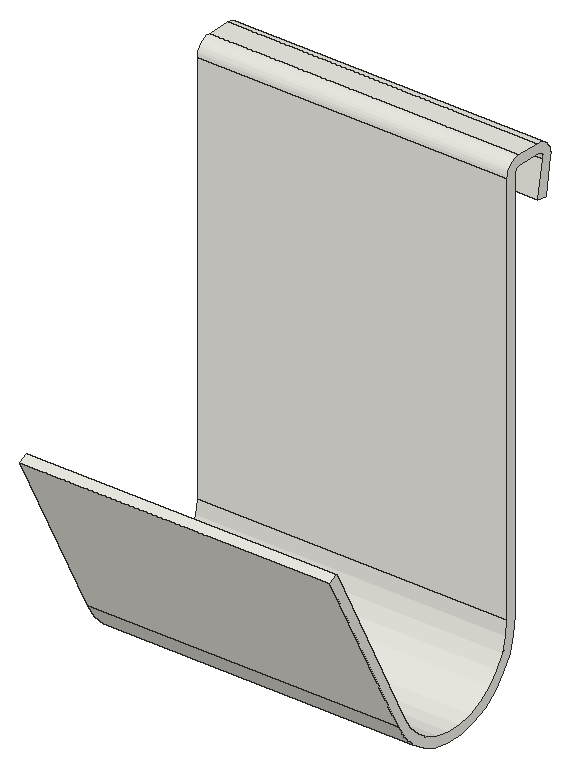
Revit family "Haworth_ActiveComponents_PersonalStorageHook_BUILD", category Furniture Systems, Revit 2015
Parameters (values of type "AAOC-0302")
  Warranty = "http://www.haworth.com/resources/product-info/warranties"
  URL - Product = "https://www.haworth.com/products/workspaces/accessories/active-components"
  Trim Finish [instance] = Haworth _ Paint _ Smooth Plaster
  Sustainability Info = "https://www.haworth.com/company-info/sustainability"
  Size = "Verify Final Dimensions w/ Haworth"  # constant formula
  Height Location [instance] = 25 7/8"
  Model = "AAOC-0302"  # constant formula
  URL = "www.haworth.com"
  Revision Number = "1"  # constant formula
  Manufacturer = "Haworth"  # constant formula
  Description = "Haworth Active Components - Personal Storage Hook"  # constant formula
  Author = "Haworth (Alias)"  # constant formula
  Assembly Code = "E2020200"
  Actual Width = 2"  # constant formula
  Actual Height = 3"  # constant formula
  Actual Depth = 1 25/32"  # constant formula
Reference planes (in)
  plane 1 "Bottom": z = 0
  plane 2 "Center L/R": x = 8.5
  plane 3 "Center F/B": y = -21.23931
  plane 4 "Left": x = 7.5
  plane 5 "Right": x = 9.5
  plane 6 "Back": y = -20.34869
  plane 7 "Front": y = -22.12994
  plane 8 "Top": z = 25.875
Forms (in)
  Sweep 1, solid, material "Haworth _ Paint _ Smooth Plaster" <- "Trim Finish"
    path origin (0, 0, 25.875) x (-1, 0, 0) y (0, -1, 0)
      loop
        line (-7.5, 21.23931) -> (-9.5, 21.23931)
    profile origin (8.5, -21.23931, 25.875) x (0, 1, 0) y (0, 0, 1)
      loop
        arc (0.5248, -2.64306) -> (0.1871, -3.07144) -> (-0.30828, -2.84307) r 0.44055
        line (-0.30828, -2.84307) -> (-0.85083, -1.77826) -> (-0.90429, -1.8055) -> (-0.3607, -2.87235)
        arc (-0.3607, -2.87235) -> (0.20152, -3.13154) -> (0.5848, -2.64535) r 0.5
        line (0.5848, -2.64535) -> (0.5848, -0.09538)
        arc (0.5848, -0.09538) -> (0.59663, -0.06683) -> (0.62518, -0.055) r 0.04038
        line (0.62518, -0.055) -> (0.77552, -0.055)
        arc (0.77552, -0.055) -> (0.80494, -0.06872) -> (0.81335, -0.10009) r 0.03841
        line (0.81335, -0.10009) -> (0.7745, -0.3204) -> (0.83359, -0.33082) -> (0.87227, -0.11146)
        arc (0.87227, -0.11146) -> (0.85056, -0.03045) -> (0.77454, 0.005) r 0.09923
        line (0.77454, 0.005) -> (0.62245, 0.005)
        arc (0.62245, 0.005) -> (0.5534, -0.0236) -> (0.5248, -0.09265) r 0.09765
        line (0.5248, -0.09265) -> (0.5248, -2.64306)
Lines and regions (in)
  Masking region 1
    outline origin (0, 0, 0) x (1, 0, 0) y (0, 1, 0)
      loop
        line (7.5, -20.34869) -> (7.5, -22.12994) -> (9.5, -22.12994) -> (9.5, -20.34869) -> (7.5, -20.34869)
  symbolic lines, style "Haworth", detail levels medium+fine
    curve 1: line (7.5, -20.71451, 25.875) -> (9.5, -20.71451, 25.875)
Dimensions and locks (in)
  equal spacing: plane 4 "Left", plane 2 "Center L/R", plane 5 "Right"
  "Actual Width": plane 4 "Left" to plane 5 "Right"
  equal spacing: plane 6 "Back", plane 3 "Center F/B", plane 7 "Front"
  "Actual Depth": plane 6 "Back" to plane 7 "Front"
  "Height Location": plane 8 "Top" to plane 1 "Bottom"
  aligned and locked: plane 7 "Front" to Masking region 1 sketch curve
  aligned and locked: plane 6 "Back" to Masking region 1 sketch curve
  aligned and locked: plane 4 "Left" to Masking region 1 sketch curve
  aligned and locked: plane 5 "Right" to Masking region 1 sketch curve
  aligned and locked: plane 3 "Center F/B" to Sweep 1 sketch curve
  aligned and locked: plane 5 "Right" to Sweep 1 sketch curve
  aligned and locked: plane 4 "Left" to Sweep 1 sketch curve
  aligned and locked: profile plane to plane 8 "Top"
  aligned and locked: profile plane to plane 3 "Center F/B"
Automatic sketch dimensions
  profile plane to Sweep 1 sketch curve = 0.3607"
  Sweep 1 sketch curve to Sweep 1 sketch curve = 0.05242"
  Sweep 1 sketch curve to profile plane = 0.08425"
  Sweep 1 sketch curve to Sweep 1 sketch curve = 0.00055"
  Sweep 1 sketch curve to plane 8 "Top" = 0.09265"
  Sweep 1 sketch curve to profile plane = 0.5248"
  Sweep 1 sketch curve to Sweep 1 sketch curve = 0.06"
  Sweep 1 sketch curve to Sweep 1 sketch curve = 0.03765"
  Sweep 1 sketch curve to Sweep 1 sketch curve = 0.00273"  (x2)
  Sweep 1 sketch curve to Sweep 1 sketch curve = 0.15209"
  Sweep 1 sketch curve to Sweep 1 sketch curve = 0.00098"
  Sweep 1 sketch curve to plane 8 "Top" = 0.10009"
  Sweep 1 sketch curve to Sweep 1 sketch curve = 0.03783"
  Sweep 1 sketch curve to plane 8 "Top" = 0.11146"
  Sweep 1 sketch curve to Sweep 1 sketch curve = 0.05892"
  Sweep 1 sketch curve to Sweep 1 sketch curve = 2.55042"
  Sweep 1 sketch curve to Sweep 1 sketch curve = 0.00229"
  profile plane to Sweep 1 sketch curve = 0.85083"
  Sweep 1 sketch curve to Sweep 1 sketch curve = 0.05346"
  Sweep 1 sketch curve to plane 8 "Top" = 0.3204"
  Sweep 1 sketch curve to Sweep 1 sketch curve = 0.03885"
  Sweep 1 sketch curve to plane 8 "Top" = 0.33082"
  Sweep 1 sketch curve to Sweep 1 sketch curve = 0.05909"
  Sweep 1 sketch curve to Sweep 1 sketch curve = 1.06481"
  Sweep 1 sketch curve to Sweep 1 sketch curve = 0.02724"
  curve 1 to plane 5 "Right" = 0"
  curve 1 to plane 4 "Left" = 0"
  plane 6 "Back" to curve 1 = 0.36582"
